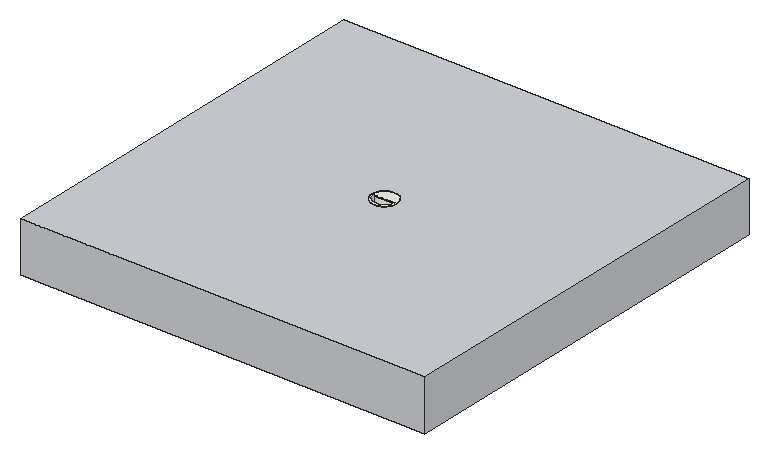
Revit family "M_Luminária embutida - Spot de parede", category Luminárias, Revit 2019
Family settings
  Hospedeiro = Face
  Cota do conector redondo = Utilizar diâmetro
  Tipo de parte = Normal
  Número OmniClass = 23.80.70.11.14.11
  Título OmniClass = Downlights
  ID de item do Seek = Downlight - Wall Washer-0000-CAN-ENU
  Corte com vazios quando carregada = Não
  Fonte luminosa = Sim
  Compartilhado = Não
  Ponto de cálculo do ambiente = Não
Parameters (values of type "152 mm Incandescente - 120V")
  Wattage Comments = ""
  Wattage = 60 W
  built-in parameter 1150110 = 1 (stored number, unit not read)
  built-in parameter 1150109 = 1 (stored number, unit not read)
  built-in parameter 1150134 = 4
  built-in parameter 1150113 = 1 (stored number, unit not read)
  Tilt Angle = -90.00°
  Raio do recesso = Diâmetro do recesso / 2  # 75 mm
  Raio interno do recesso = Raio do recesso - 12.7 mm  # 62.3 mm
  Altura do recesso = 200 mm
  Diâmetro do recesso = 150 mm
  Arquivo de rede fotométrica = "CLFR1A19.ies"
  Material = Aço, acabamento de pintura, marfim, com brilho
  Lumens = 855 lm
  built-in parameter 1114217 = 1 (stored number, unit not read)
  built-in parameter 1150115 = 1 (stored number, unit not read)
  built-in parameter 1150105 = 68.039 (stored number, unit not read)
  Classificação de carga = Iluminação - Unidade de interrupção
  built-in parameter 1150137 = 1
  built-in parameter 1150139 = (empty or 0)
  built-in parameter 1150112 = 1 (stored number, unit not read)
  built-in parameter 1150114 = 1 (stored number, unit not read)
  Lâmpada = "A-19"
  built-in parameter 1150132 = (empty or 0)
  built-in parameter 1150102 = (empty or 0)
  built-in parameter 1150138 = (empty or 0)
  built-in parameter 1150107 = 2800 (stored number, unit not read)
  built-in parameter 1150106 = 0.68039 (stored number, unit not read)
  built-in parameter 1150104 = 1.3239 (stored number, unit not read)
  Dimming Lamp Color Temperature Shift = (empty or 0)
  Elevação-padrão = 1200 mm
  Color Filter = 16777215
  built-in parameter 1140040 [instance] = 1
  Voltagem do transformador = 120 V
  Transformador por número de postes = 1
  built-in parameter 1114218 = 1 (stored number, unit not read)
  built-in parameter 1150133 = 10 (stored number, unit not read)
  Código de montagem = "D5020220"
  Carga aparente = 60 VA
Types (7, lengths in mm): name | Wattage | built-in parameter 1150134 | Raio do recesso | Raio interno do recesso | Diâmetro do recesso | Arquivo de rede fotométrica | Lumens | built-in parameter 1114217 | built-in parameter 1150105 | Lâmpada | built-in parameter 1150107 | built-in parameter 1150106 | built-in parameter 1150104 | Voltagem do transformador | built-in parameter 1114218 | Código de montagem | Carga aparente
  (no name) | 60 W | 4 | 75 | 62.3 | 150 | "CLFR1A19.ies" | 855 lm | 1 (stored number, unit not read) | 68.039 (stored number, unit not read) | "A-19" | 2800 (stored number, unit not read) | 0.68039 (stored number, unit not read) | 1.3239 (stored number, unit not read) | 120 V | 1 (stored number, unit not read) | "D5020220" | 60 VA
  152 mm Incandescente - 120V | 60 W | 4 | 75 | 62.3 | 150 | "CLFR1A19.ies" | 855 lm | 1 (stored number, unit not read) | 68.039 (stored number, unit not read) | "A-19" | 2800 (stored number, unit not read) | 0.68039 (stored number, unit not read) | 1.3239 (stored number, unit not read) | 120 V | 1 (stored number, unit not read) | "D5020220" | 60 VA
  152 mm Incandescente - 277V | 60 W | 4 | 75 | 62.3 | 150 | "CLFR1A19.ies" | 855 lm | 1 (stored number, unit not read) | 68.039 (stored number, unit not read) | "A-19" | 2800 (stored number, unit not read) | 0.68039 (stored number, unit not read) | 1.3239 (stored number, unit not read) | 277 V | 1 (stored number, unit not read) | "D5020220" | 60 VA
  203 mm Incandescente - 120V | 100 W | 4 | 100 | 87.3 | 200 | "CLFR1A21.ies" | 1750 lm | 1 (stored number, unit not read) | 139.26 (stored number, unit not read) | "A-19" | 2800 (stored number, unit not read) | 1.3926 (stored number, unit not read) | 1.6258 (stored number, unit not read) | 120 V | 1 (stored number, unit not read) | "D5020220" | 100 VA
  203 mm Incandescente - 277V | 100 W | 4 | 100 | 87.3 | 200 | "CLFR1A21.ies" | 1750 lm | 1 (stored number, unit not read) | 139.26 (stored number, unit not read) | "A-19" | 2800 (stored number, unit not read) | 1.3926 (stored number, unit not read) | 1.6258 (stored number, unit not read) | 277 V | 1 (stored number, unit not read) | "D5020220" | 100 VA
  Fluorescente - 120V | 18 W | 8 | 100 | 87.3 | 200 | "DRC1CF.ies" | 1249.92 lm | 0.88 (stored number, unit not read) | 99.465 (stored number, unit not read) | 0 | 4230 (stored number, unit not read) | 0.99465 (stored number, unit not read) | 6.4512 (stored number, unit not read) | 120 V | 0.88 (stored number, unit not read) | "D5020210" | 18 VA
  Fluorescente - 277V | 18 W | 8 | 100 | 87.3 | 200 | "DRC1CF.ies" | 1249.92 lm | 0.88 (stored number, unit not read) | 99.465 (stored number, unit not read) | 0 | 4230 (stored number, unit not read) | 0.99465 (stored number, unit not read) | 6.4512 (stored number, unit not read) | 277 V | 0.88 (stored number, unit not read) | "D5020210" | 18 VA
Reference planes
  plane 1 "Centro (Frente/Trás)": y = 0
  plane 2: z = 0
  plane 3 "Centro (Esquerda/Direita)": x = 0
  plane 4: z = -914.4
  plane 5: z = -200
  plane 6: z = -187.3
  plane 7: z = -6.35
  plane 8: x = -75
  plane 9: x = 75
  plane 10: y = -161.627
  plane 11: z = -76.2
Forms (mm)
  Extrusion 1, solid
    sketch origin (0, 0, 0) x (1, 0, 0) y (0, 1, 0)
      loop
        line (-1219.2, 1219.2) -> (-1219.2, -1219.2) -> (1219.2, -1219.2) -> (1219.2, 1219.2) -> (-1219.2, 1219.2)
    from 0 to -304.8
  Extrusion 2, void
    sketch origin (0, 0, 0) x (1, 0, 0) y (0, 1, 0)
      loop
        circle (0, 0) r 75
    from 0 to -914.4
  Extrusion 3, solid, material "Aço, acabamento de pintura, marfim, com brilho" <- "Material"
    sketch origin (0, 0, 0) x (1, 0, 0) y (0, 1, 0)
      loop
        circle (0, 0) r 75
      loop
        circle (0, 0) r 62.3
    from 0 to -187.3
  Extrusion 4, solid, material "Aço, acabamento de pintura, marfim, com brilho" <- "Material"
    sketch origin (0, 0, 0) x (1, 0, 0) y (0, 1, 0)
      loop
        circle (0, 0) r 75
    from -200 to -187.3
  Extrusion 5, solid, material "Aço, acabamento de pintura, marfim, com brilho" <- "Material"
    sketch origin (0, 0, 0) x (1, 0, 0) y (0, 1, 0)
      loop
        line (-75, 0) -> (75, 0)
        arc (75, 0) -> (0, 75) -> (-75, 0) r 75
    from -6.35 to 0
Cuts and joins
  joined: Extrusion 3, Extrusion 5
Lines and regions (mm)
  symbolic lines
    curve 1: line (0, -161.627, 0) -> (75, -86.627, 0)
    curve 2: line (0, -161.627, 0) -> (-75, -86.627, 0)
    curve 3: circle (0, 0, 0) r 75 normal (0, 0, 1)
Dimensions and locks
  locked: plane 2 to plane 4 at 914.4
  "Altura do recesso": plane 2 to plane 5
  locked: plane 6 to plane 5 at 12.7
  locked: plane 2 to plane 7 at 6.35
  "Raio do recesso": plane 8 to plane 3 "Centro (Esquerda/Direita)"
  "Raio do recesso": plane 3 "Centro (Esquerda/Direita)" to plane 9
  locked: plane 1 "Centro (Frente/Trás)" to plane 10 at 161.627
  locked: level to plane 11 at 76.2
  "Raio do recesso": radius of Extrusion 2 sketch curve
  "Raio do recesso": radius of Extrusion 3 sketch curve
  "Raio interno do recesso": radius of Extrusion 3 sketch curve
  "Raio do recesso": radius of Extrusion 4 sketch curve
  "Raio do recesso": radius of Extrusion 5 sketch curve
  "Raio do recesso": radius of curve 3
  angle Extrusion 5 sketch curve to Extrusion 5 sketch curve = 180.00°
  locked: plane 10 to curve 1 (angle 45.00°)
  locked: curve 2 to plane 10 (angle 45.00°)
  aligned and locked: plane 2 to Extrusion 1
  aligned and locked: level to Extrusion 1
  aligned and locked: plane 1 "Centro (Frente/Trás)" to Extrusion 2 sketch curve
  aligned and locked: plane 3 "Centro (Esquerda/Direita)" to Extrusion 2 sketch curve
  aligned and locked: Extrusion 2 to plane 2
  aligned and locked: Extrusion 2 to plane 4
  aligned and locked: plane 1 "Centro (Frente/Trás)" to Extrusion 3 sketch curve  (x2)
  aligned and locked: plane 3 "Centro (Esquerda/Direita)" to Extrusion 3 sketch curve  (x2)
  aligned and locked: Extrusion 3 to plane 2
  aligned and locked: Extrusion 3 to plane 6
  aligned and locked: plane 1 "Centro (Frente/Trás)" to Extrusion 4 sketch curve
  aligned and locked: plane 3 "Centro (Esquerda/Direita)" to Extrusion 4 sketch curve
  aligned and locked: plane 6 to Extrusion 4
  aligned and locked: Extrusion 4 to plane 5
  aligned and locked: plane 1 "Centro (Frente/Trás)" to Extrusion 5 sketch curve
  aligned and locked: plane 3 "Centro (Esquerda/Direita)" to Extrusion 5 sketch curve
  aligned and locked: Extrusion 5 sketch curve to Extrusion 3
  aligned and locked: Extrusion 5 to plane 7
  aligned and locked: plane 2 to Extrusion 5
  aligned and locked: plane 3 "Centro (Esquerda/Direita)" to curve 1
  aligned and locked: plane 9 to curve 1
  aligned and locked: plane 10 to curve 2
  aligned and locked: plane 8 to curve 2
  aligned and locked: plane 1 "Centro (Frente/Trás)" to curve 3
  aligned and locked: plane 3 "Centro (Esquerda/Direita)" to curve 3
  aligned and locked: plane 3 "Centro (Esquerda/Direita)" to imposter light
  aligned and locked: plane 1 "Centro (Frente/Trás)" to imposter light
  aligned and locked: plane 11 to imposter light
Automatic sketch dimensions
  Extrusion 1 sketch curve to Extrusion 1 sketch curve = 2438.4 mm  (x2)
Connectors
  electrical at (0, 0, -200), driven by "Carga aparente", driven by "Voltagem do transformador", driven by "Transformador por número de postes", driven by "Classificação de carga"
    settings: on Extrusion 4, index 1, voltage 120 V, apparent load 0 VA, apparent load phase1 60 VA, apparent load phase2 0 VA, apparent load phase3 0 VA, power factor 0.95, load classification "Iluminação - Unidade de interrupção", number of poles 1, system type 31, power factor state 1, is connector primary yes, connector utility no, sub classification motor no, connector description ""
